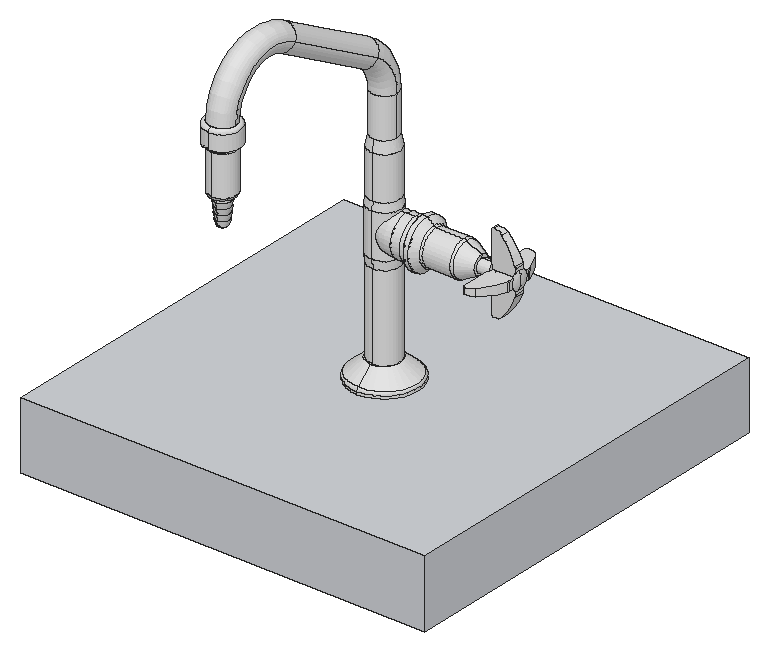
Revit family
Parameters (values of type "TL16USJ16C")
  WELSRating_ANZRS = "5 star"
  URL = "www.galvinengineering.com.au"
  Type Comments = "TL16"
  TubeNozzleVisibility = yes
  StyleOrType_ANZRS = "Plumbing Fixture"
  Seating = "Jumper Valve"
  PlumbingMaterial_ANZRS = Metal_Taps_DR-Brass-with-Chrome-Finish_10800
  Outlet = "#16 XT Tube Nozzle with Integral Mini Dual Check Valve"
  ModifiedIssue_ANZRS = 20120305.01  # constant formula
  Model = "TL16USJ16C"
  Manufacturer = "Galvin Engineering"
  Keynote = "15400"
  Instructions = "http://www.galvinengineering.com.au/Installation_Guides_1.aspx"
  Inlet = "15mm Male"
  FlowRate = 0.10 L/s
  FilterObject_ANZRS = "TL16"
  Description = "Lab Set 1-Way Type 16 Swivel, Jumper Valve"
  Default Elevation = 900 mm
  CreatedBy_ANZRS = "Galvin Engineering"
  CreatedByURL_ANZRS = "www.galvinengineering.com.au"
  CreatedByPhoneNo_ANZRS = "61-8-92495900"
  Circulation_ANZRS = yes
  Assembly Code = "D2010"
  AeratorVisibility = not(TubeNozzleVisibility)  # no
Types (3, lengths in mm): name | TubeNozzleVisibility | Outlet | Model | AeratorVisibility
  (no name) | yes | "#16 XT Tube Nozzle with Integral Mini Dual Check Valve" | "TL16USJ16C" | no
  TL16USJ1C | no | "#1 Aerator" | "TL16USJ1C" | yes
  TL16USJ16C | yes | "#16 XT Tube Nozzle with Integral Mini Dual Check Valve" | "TL16USJ16C" | no
Reference planes
  plane 1 "Center (Front/Back)": y = 0
  plane 2 "Face": z = 0
  plane 3 "Center (Left/Right)": x = 0
  plane 4 "ConnectorHost": z = 0
Forms (mm)
  Extrusion 1, solid
    sketch origin (0, -719.2, 0) x (1, 0, 0) y (0, 1, 0)
      loop
        line (-150, 869.2) -> (-150, 569.2) -> (150, 569.2) -> (150, 869.2) -> (-150, 869.2)
    from 0 to -50
  Revolve 2, solid, material "Metal_Taps_DR-Brass-with-Chrome-Finish_10800" <- "PlumbingMaterial_ANZRS"
    sketch origin (0, 0, 0) x (0, 1, 0) y (0, 0, 1)
      loop
        line (24.087, 4.295) -> (12.205, 14.3) -> (11.118, 14.3) -> (11.118, 77.513) -> (11.804, 84) -> (11.804, 116) -> (11.106, 122.593) -> (11.106, 154.424) -> (9.544, 163) -> (0, 163) -> (0, 0) -> (25.155, 0) -> (25.155, 2)
        arc (25.155, 2) -> (24.875, 3.266) -> (24.087, 4.295) r 3
      axis (0, 0) -> (0, 163)
    angle from 0 to 360
  Sweep 3, solid, material "Metal_Taps_DR-Brass-with-Chrome-Finish_10800" <- "PlumbingMaterial_ANZRS"
    path origin (0, 0, 0) x (0, 1, 0) y (0, 0, 1)
      loop
        arc (-149.996, 237) -> (-131.56, 268.534) -> (-95.032, 268.467) r 36.643
        line (-95.032, 268.467) -> (-18.281, 224.155)
        arc (-18.281, 224.155) -> (-4.899, 210.778) -> (0, 192.502) r 36.544
        line (0, 192.502) -> (0, 163)
    profile origin (0, 0, 177.751) x (1, 0, 0) y (0, 1, 0)
      loop
        circle (0, 0) r 9.55
  Revolve 4, solid, material "Metal_Taps_DR-Brass-with-Chrome-Finish_10800" <- "PlumbingMaterial_ANZRS", visible <- "AeratorVisibility"
    sketch origin (0, 0, 0) x (0, 1, 0) y (0, 0, 1)
      loop
        arc (-138.936, 236.442) -> (-139.147, 236.84) -> (-139.569, 237) r 0.638
        line (-139.569, 237) -> (-150.006, 237) -> (-150.006, 233) -> (-141.447, 233) -> (-141.447, 215) -> (-140.506, 215)
        arc (-140.506, 215) -> (-139.092, 215.586) -> (-138.506, 217) r 2
        line (-138.506, 217) -> (-138.506, 233) -> (-138.936, 236.442)
      axis (-150.006, 237) -> (-150.006, 215)
    angle from 0 to 360
  Revolve 5, solid, material "Metal_Taps_DR-Brass-with-Chrome-Finish_10800" <- "PlumbingMaterial_ANZRS"
    sketch origin (0, 0, 0) x (1, 0, 0) y (0, 0, 1)
      loop
        arc (83.27, 70.361) -> (86.828, 71.003) -> (89.85, 72.987) r 9.043
        arc (89.85, 72.987) -> (95.929, 80.725) -> (99.945, 89.708) r 40.19
        arc (99.945, 89.708) -> (100.11, 90.437) -> (100.166, 91.182) r 5.024
        line (100.166, 91.182) -> (100.166, 108.681)
        arc (100.166, 108.681) -> (100.11, 109.427) -> (99.944, 110.157) r 5.024
        arc (99.944, 110.157) -> (95.854, 119.25) -> (89.651, 127.057) r 40.19
        arc (89.651, 127.057) -> (86.696, 128.987) -> (83.226, 129.639) r 9.043
        arc (83.226, 129.639) -> (82.134, 129.212) -> (81.679, 128.132) r 1.507
        line (81.679, 128.132) -> (81.679, 71.866)
        arc (81.679, 71.866) -> (82.15, 70.771) -> (83.27, 70.361) r 1.507
      axis (57.916, 129.639) -> (57.916, 70.361)
    angle from -4.66 to 4.66
  Revolve 6, solid, material "Metal_Taps_DR-Brass-with-Chrome-Finish_10800" <- "PlumbingMaterial_ANZRS"
    sketch origin (-248.665, -110.242, 100) x (0, -1, 0) y (1, 0, 0)
      loop
        arc (-139.881, 331.934) -> (-139.471, 330.815) -> (-138.376, 330.343) r 1.507
        line (-138.376, 330.343) -> (-82.11, 330.343)
        arc (-82.11, 330.343) -> (-81.03, 330.799) -> (-80.603, 331.89) r 1.507
        arc (-80.603, 331.89) -> (-81.255, 335.36) -> (-83.186, 338.316) r 9.043
        arc (-83.186, 338.316) -> (-90.992, 344.519) -> (-100.085, 348.609) r 40.19
        arc (-100.085, 348.609) -> (-100.815, 348.775) -> (-101.562, 348.831) r 5.024
        line (-101.562, 348.831) -> (-119.061, 348.831)
        arc (-119.061, 348.831) -> (-119.806, 348.775) -> (-120.534, 348.61) r 5.024
        arc (-120.534, 348.61) -> (-129.517, 344.593) -> (-137.255, 338.514) r 40.19
        arc (-137.255, 338.514) -> (-139.239, 335.492) -> (-139.881, 331.934) r 9.043
      axis (-80.603, 306.581) -> (-139.881, 306.581)
    angle from -4.66 to 4.66
  Revolve 7, solid, material "Metal_Taps_DR-Brass-with-Chrome-Finish_10800" <- "PlumbingMaterial_ANZRS"
    sketch origin (0, 0, 0) x (1, 0, 0) y (0, 0, 1)
      loop
        line (101.162, 100.294) -> (-8.743, 100.294)
        arc (-8.743, 100.294) -> (-8.455, 98.063) -> (-7.423, 96.064) r 6.5
        arc (-7.423, 96.064) -> (3.289, 88.261) -> (16.25, 85.5) r 31.806
        line (16.25, 85.5) -> (23.9, 85.5) -> (23.9, 84.5) -> (27.393, 84.5)
        arc (27.393, 84.5) -> (27.775, 83.189) -> (28.65, 82.141) r 3.334
        line (28.65, 82.141) -> (32.15, 82.141) -> (36.686, 86.586)
        arc (36.686, 86.586) -> (37.491, 87.115) -> (38.436, 87.3) r 2.5
        line (38.436, 87.3) -> (58.943, 87.3)
        arc (58.943, 87.3) -> (60.129, 87.442) -> (61.249, 87.861) r 5.024
        line (61.249, 87.861) -> (72.164, 93.5) -> (72.164, 95.27) -> (81.6, 95.27) -> (81.6, 99.409) -> (100, 99.409) -> (100, 93.4)
        arc (100, 93.4) -> (100.896, 96.794) -> (101.162, 100.294) r 19.294
      axis (-8.743, 100.294) -> (101.162, 100.294)
    angle from 0 to 360
  Revolve 8, solid, material "Metal_Taps_DR-Brass-with-Chrome-Finish_10800" <- "PlumbingMaterial_ANZRS", visible <- "TubeNozzleVisibility"
    sketch origin (0, -0.019, -274.502) x (0, 1, 0) y (0, 0, 1)
      loop
        line (-162.747, 497.458) -> (-161.922, 497.458) -> (-160.256, 495.732)
        arc (-160.256, 495.732) -> (-159.944, 495.252) -> (-159.835, 494.69) r 1.5
        line (-159.835, 494.69) -> (-159.835, 464.902)
        arc (-159.835, 464.902) -> (-159.249, 463.488) -> (-157.835, 462.902) r 2
        line (-157.835, 462.902) -> (-155.537, 462.902) -> (-155.537, 459.402) -> (-156.337, 459.402) -> (-155.04, 455.102) -> (-155.837, 455.102) -> (-154.587, 450.802) -> (-155.387, 450.802) -> (-154.056, 446.502) -> (-154.837, 446.502) -> (-153.716, 442.647)
        arc (-153.716, 442.647) -> (-153.494, 442.326) -> (-153.123, 442.202) r 0.618
        line (-153.123, 442.202) -> (-149.987, 442.202) -> (-149.987, 511.502) -> (-160.235, 511.502)
        arc (-160.235, 511.502) -> (-162.011, 510.766) -> (-162.747, 508.99) r 2.512
        line (-162.747, 508.99) -> (-162.747, 497.458)
      axis (-149.987, 442.202) -> (-149.987, 511.502)
    angle from 0 to 360
Cuts and joins
  joined: Revolve 2, Revolve 7
Lines and regions (mm)
  symbolic lines, style "Taps/Mixers"
    curve 1: line (-9.5, 1.6, 0) -> (-9.5, -149.852, 0)
    curve 2: line (9.5, -149.852, 0) -> (9.5, 1.6, 0)
    curve 3: arc (-9.5, -149.852, 0) -> (0, -159.352, 0) -> (9.5, -149.852, 0) r 9.5
    curve 4: arc (-9.5, 1.6, 0) -> (0, 11.1, 0) -> (9.5, 1.6, 0) r 9.5
    curve 5: arc (20.601, 14.639, 0) -> (-19.822, 15.678, 0) -> (-9.5, -23.419, 0) r 25.272
    curve 6: arc (-9.5, -6.915, 0) -> (0, 11.75, 0) -> (9.5, -6.915, 0) r 11.75
    curve 7: arc (32.166, 0.223, 0) -> (33.452, 6.508, 0) -> (32.212, 12.802, 0) r 16.296
    curve 8: arc (28.588, 12.765, 0) -> (27.364, 6.488, 0) -> (28.649, 0.223, 0) r 16.296
    curve 9: arc (36.705, 13.573, 0) -> (37.52, 13.028, 0) -> (38.482, 12.837, 0) r 2.512
    curve 10: arc (28.649, 18.021, 0) -> (27.377, 15.423, 0) -> (28.604, 12.802, 0) r 3.35
    curve 11: arc (32.166, 12.765, 0) -> (33.439, 15.393, 0) -> (32.166, 18.021, 0) r 3.35
    curve 12: arc (61.287, 12.277, 0) -> (60.168, 12.695, 0) -> (58.981, 12.837, 0) r 5.024
    curve 13: arc (38.482, -12.537, 0) -> (37.52, -12.728, 0) -> (36.705, -13.273, 0) r 2.512
    curve 14: arc (28.649, 0.223, 0) -> (27.364, -6.121, 0) -> (28.649, -12.465, 0) r 16.296
    curve 15: arc (32.166, -12.465, 0) -> (33.452, -6.121, 0) -> (32.166, 0.223, 0) r 16.296
    curve 16: arc (32.166, -17.721, 0) -> (33.439, -15.093, 0) -> (32.166, -12.465, 0) r 3.35
    curve 17: arc (28.649, -12.465, 0) -> (27.377, -15.093, 0) -> (28.649, -17.721, 0) r 3.35
    curve 18: arc (58.981, -12.537, 0) -> (60.168, -12.395, 0) -> (61.287, -11.977, 0) r 5.024
    curve 19: arc (100, -6.576, 0) -> (101.164, 0.024, 0) -> (100, 6.624, 0) r 19.294
    curve 20: arc (99.779, 10.334, 0) -> (95.782, 19.275, 0) -> (89.732, 26.976, 0) r 40
    curve 21: arc (89.732, 26.976, 0) -> (86.724, 28.951, 0) -> (83.183, 29.59, 0) r 9
    curve 22: arc (83.183, 29.59, 0) -> (82.069, 29.182, 0) -> (81.6, 28.092, 0) r 1.5
    curve 23: arc (100, 8.861, 0) -> (99.944, 9.606, 0) -> (99.779, 10.334, 0) r 5.024
    curve 24: arc (97.795, 3.439, 0) -> (98.932, 3.959, 0) -> (99.678, 4.962, 0) r 2.512
    curve 25: arc (99.678, 4.962, 0) -> (99.868, 5.506, 0) -> (100, 6.067, 0) r 5.554
    curve 26: arc (89.485, -27.016, 0) -> (95.688, -19.21, 0) -> (99.778, -10.117, 0) r 40.19
    curve 27: arc (83.122, -29.599, 0) -> (86.558, -28.935, 0) -> (89.485, -27.016, 0) r 9.043
    curve 28: arc (81.6, -28.092, 0) -> (82.047, -29.163, 0) -> (83.122, -29.599, 0) r 1.507
    curve 29: arc (99.778, -10.117, 0) -> (99.944, -9.387, 0) -> (100, -8.64, 0) r 5.024
    curve 30: arc (99.747, -4.922, 0) -> (99.012, -3.873, 0) -> (97.856, -3.322, 0) r 2.512
    curve 31: arc (100, -7.836, 0) -> (100.069, -6.362, 0) -> (99.747, -4.922, 0) r 5.554
    curve 32: line (61.287, -11.977, 0) -> (72.164, -6.357, 0)
    curve 33: line (72.164, -6.357, 0) -> (72.164, 6.657, 0)
    curve 34: line (72.164, 6.657, 0) -> (61.287, 12.277, 0)
    curve 35: line (38.482, 12.837, 0) -> (58.949, 12.837, 0)
    curve 36: line (58.949, 12.837, 0) -> (58.949, -12.537, 0)
    curve 37: line (58.949, -12.537, 0) -> (38.482, -12.537, 0)
    curve 38: line (33.422, 15.06, 0) -> (33.422, -15.426, 0)
    curve 39: line (28.588, 12.765, 0) -> (32.166, 12.765, 0)
    curve 40: line (28.649, 18.021, 0) -> (32.166, 18.021, 0)
    curve 41: line (32.166, 18.021, 0) -> (36.705, 13.573, 0)
    curve 42: line (27.394, 15.369, 0) -> (27.394, -15.426, 0)
    curve 43: line (28.649, 0.223, 0) -> (32.166, 0.223, 0)
    curve 44: line (28.649, -17.721, 0) -> (32.166, -17.721, 0)
    curve 45: line (32.166, -17.721, 0) -> (36.705, -13.273, 0)
    curve 46: line (28.649, -12.465, 0) -> (32.166, -12.465, 0)
    curve 47: line (100, 8.861, 0) -> (100, -8.64, 0)
    curve 48: line (81.6, 28.092, 0) -> (81.6, -28.092, 0)
    curve 49: line (81.6, 2.119, 0) -> (97.795, 3.439, 0)
    curve 50: line (72.164, 4.868, 0) -> (81.6, 4.868, 0)
    curve 51: line (81.6, -1.9, 0) -> (97.856, -3.322, 0)
    curve 52: line (72.164, -4.592, 0) -> (81.6, -4.592, 0)
    curve 53: arc (9.5, -23.419, 0) -> (15.678, -19.822, 0) -> (20.601, -14.639, 0) r 25.272
    curve 54: line (23.891, -15.644, 0) -> (23.891, 15.944, 0)
    curve 55: line (23.891, 15.944, 0) -> (27.423, 15.944, 0)
    curve 56: line (23.891, -15.644, 0) -> (27.423, -15.644, 0)
    curve 57: line (23.891, -14.639, 0) -> (17.014, -14.639, 0)
    curve 58: arc (15.529, -14.552, 0) -> (16.27, -14.617, 0) -> (17.014, -14.639, 0) r 12.711
    curve 59: line (23.891, 14.639, 0) -> (17.014, 14.639, 0)
    curve 60: arc (15.529, 14.552, 0) -> (16.27, 14.617, 0) -> (17.014, 14.639, 0) r 12.711
    curve 61: arc (17.014, 14.639, 0) -> (9.42, 13.859, 0) -> (2.143, 11.553, 0) r 37.375
    curve 62: arc (17.014, -14.639, 0) -> (13.237, -14.447, 0) -> (9.5, -13.876, 0) r 37.375
    curve 63: arc (0, -24.082, 4.295) -> (0, -24.87, 3.266) -> (0, -25.15, 2) r 3
    curve 64: arc (0, 25.15, 2) -> (0, 24.87, 3.266) -> (0, 24.082, 4.295) r 3
    curve 65: line (0, 11.112, 14.3) -> (0, 11.112, 77.5)
    curve 66: line (0, 12.2, 14.3) -> (0, -12.2, 14.3)
    curve 67: line (0, 25.15, 2) -> (0, -25.15, 2)
    curve 68: line (0, -25.15, 0) -> (0, -25.15, 2)
    curve 69: line (0, -12.2, 14.3) -> (0, -24.082, 4.295)
    curve 70: line (0, 12.2, 14.3) -> (0, 24.082, 4.295)
    curve 71: line (0, 25.15, 2) -> (0, 25.15, 0)
    curve 72: line (0, 25.15, 0) -> (0, -25.15, 0)
    curve 73: line (0, -11.113, 77.548) -> (0, -11.113, 14.3)
    curve 74: arc (0, -14.636, 103.934) -> (0, -7.383, 107.385) -> (0, -3.932, 114.639) r 12
    curve 75: line (0, -3.932, 114.639) -> (0, -2.537, 128.154)
    curve 76: arc (0, -2.537, 128.154) -> (0, -2.049, 129.114) -> (0, -1.045, 129.5) r 1.5
    curve 77: line (0, -1.045, 129.5) -> (0, 1.045, 129.5)
    curve 78: arc (0, 1.045, 129.5) -> (0, 2.051, 129.112) -> (0, 2.537, 128.149) r 1.5
    curve 79: line (0, 2.537, 128.149) -> (0, 3.884, 114.682)
    curve 80: arc (0, 3.884, 114.682) -> (0, 7.326, 107.404) -> (0, 14.592, 103.939) r 12
    curve 81: line (0, 14.592, 103.939) -> (0, 28.156, 102.539)
    curve 82: arc (0, 28.156, 102.539) -> (0, 29.116, 102.052) -> (0, 29.502, 101.047) r 1.5
    curve 83: line (0, 29.502, 101.047) -> (0, 29.502, 98.953)
    curve 84: arc (0, 29.502, 98.953) -> (0, 29.116, 97.948) -> (0, 28.156, 97.461) r 1.5
    curve 85: line (0, 28.156, 97.461) -> (0, 14.592, 96.061)
    curve 86: arc (0, 14.592, 96.061) -> (0, 7.326, 92.596) -> (0, 3.884, 85.318) r 12
    curve 87: line (0, 3.884, 85.318) -> (0, 2.537, 71.851)
    curve 88: arc (0, 2.537, 71.851) -> (0, 2.051, 70.888) -> (0, 1.045, 70.5) r 1.5
    curve 89: line (0, 1.045, 70.5) -> (0, -1.045, 70.5)
    curve 90: arc (0, -1.045, 70.5) -> (0, -2.049, 70.886) -> (0, -2.537, 71.846) r 1.5
    curve 91: line (0, -2.537, 71.846) -> (0, -3.932, 85.361)
    curve 92: arc (0, -3.932, 85.361) -> (0, -7.383, 92.615) -> (0, -14.636, 96.066) r 12
    curve 93: line (0, -14.636, 96.066) -> (0, -28.152, 97.461)
    curve 94: arc (0, -28.152, 97.461) -> (0, -29.112, 97.948) -> (0, -29.498, 98.953) r 1.5
    curve 95: line (0, -29.498, 98.953) -> (0, -29.498, 101.047)
    curve 96: arc (0, -29.498, 101.047) -> (0, -29.112, 102.052) -> (0, -28.152, 102.539) r 1.5
    curve 97: line (0, -28.152, 102.539) -> (0, -14.636, 103.934)
    curve 98: circle (0, 0, 100) r 6.5 normal (1, 0, 0)
    curve 119: line (0, -11.113, 77.548) -> (0, -11.796, 84)
    curve 120: line (0, -11.113, 77.5) -> (0, -3.12, 77.5)
    curve 121: line (0, 11.112, 77.5) -> (0, 3.102, 77.5)
    curve 122: line (0, 11.116, 77.5) -> (0, 11.804, 84)
    curve 123: line (0, 11.804, 88.471) -> (0, 11.804, 84)
    curve 124: line (0, -11.796, 84) -> (0, -11.796, 88.46)
    curve 125: line (0, -7.337, 84) -> (0, -11.796, 84)
    curve 126: line (0, 11.804, 84) -> (0, 7.332, 84)
    curve 127: line (0, -11.796, 116) -> (0, -11.796, 111.54)
    curve 128: line (0, -7.337, 116) -> (0, -11.796, 116)
    curve 129: line (0, 11.804, 116) -> (0, 7.332, 116)
    curve 130: line (0, 11.804, 116) -> (0, 11.804, 111.529)
    curve 131: line (0, 11.116, 122.5) -> (0, 11.804, 116)
    curve 132: line (0, 11.116, 122.5) -> (0, 3.102, 122.5)
    curve 133: line (0, -3.12, 122.5) -> (0, -11.119, 122.5)
    curve 134: line (0, -11.119, 122.5) -> (0, -11.796, 116)
    curve 135: line (0, -11.119, 154.373) -> (0, -11.119, 122.5)
    curve 136: line (0, 11.106, 154.424) -> (0, 11.106, 122.5)
    curve 137: line (0, -10.303, 161) -> (0, -11.119, 154.373)
    curve 138: line (0, 11.097, 154.5) -> (0, 10.297, 161)
    curve 140: line (0, -11.103, 154.5) -> (0, 11.097, 154.5)
    curve 141: line (0, -10.303, 161) -> (0, 10.297, 161)
    curve 142: line (0, -9.856, 161) -> (0, -9.556, 163)
    curve 143: line (0, -9.556, 163) -> (0, 9.544, 163)
    curve 144: line (0, 9.544, 163) -> (0, 9.844, 161)
    curve 145: line (0, -9.556, 163) -> (0, -9.556, 192.502)
    curve 146: line (0, 9.544, 163) -> (0, 9.544, 192.502)
    curve 147: arc (0, 9.544, 192.502) -> (0, 3.368, 215.552) -> (0, -13.506, 232.426) r 46.1
    curve 148: arc (0, -9.556, 192.502) -> (0, -13.174, 206.002) -> (0, -23.056, 215.884) r 27
    curve 149: line (0, -99.956, 260.283) -> (0, -23.056, 215.884)
    curve 150: line (0, -90.406, 276.824) -> (0, -13.506, 232.426)
    curve 151: arc (0, -99.956, 260.283) -> (0, -127.213, 260.838) -> (0, -140.442, 237) r 26.414
    curve 152: arc (0, -90.406, 276.824) -> (0, -136.764, 277.376) -> (0, -159.548, 237) r 45.506
    curve 164: arc (-24.082, 0, 4.295) -> (-24.868, 0, 3.27) -> (-25.15, 0, 2.01) r 3
    curve 165: arc (25.15, 0, 2) -> (24.87, 0, 3.266) -> (24.082, 0, 4.295) r 3
    curve 166: line (12.2, 0, 14.3) -> (24.082, 0, 4.295)
    curve 167: line (25.15, 0, 2.01) -> (-25.15, 0, 2.01)
    curve 168: line (-25.15, 0, 0) -> (-25.15, 0, 2)
    curve 169: line (-12.2, 0, 14.3) -> (12.2, 0, 14.3)
    curve 170: line (-12.2, 0, 14.3) -> (-24.082, 0, 4.295)
    curve 171: line (25.15, 0, 2.01) -> (25.15, 0, 0)
    curve 172: line (25.15, 0, 0) -> (-25.15, 0, 0)
    curve 173: arc (32.173, 0, 100.054) -> (33.458, 0, 106.339) -> (32.218, 0, 112.633) r 16.296
    curve 174: arc (28.61, 0, 112.633) -> (27.37, 0, 106.339) -> (28.656, 0, 100.054) r 16.296
    curve 175: arc (36.712, 0, 113.404) -> (37.527, 0, 112.86) -> (38.488, 0, 112.668) r 2.512
    curve 176: arc (28.656, 0, 117.852) -> (27.384, 0, 115.254) -> (28.61, 0, 112.633) r 3.35
    curve 177: arc (32.173, 0, 112.597) -> (33.445, 0, 115.224) -> (32.173, 0, 117.852) r 3.35
    curve 178: arc (61.287, 0, 112.108) -> (60.168, 0, 112.526) -> (58.981, 0, 112.668) r 5.024
    curve 179: arc (38.488, 0, 87.294) -> (37.527, 0, 87.103) -> (36.712, 0, 86.558) r 2.512
    curve 180: arc (28.656, 0, 100.054) -> (27.37, 0, 93.71) -> (28.656, 0, 87.366) r 16.296
    curve 181: arc (32.173, 0, 87.366) -> (33.458, 0, 93.71) -> (32.173, 0, 100.054) r 16.296
    curve 182: arc (32.173, 0, 82.11) -> (33.445, 0, 84.738) -> (32.173, 0, 87.366) r 3.35
    curve 183: arc (28.656, 0, 87.366) -> (27.383, 0, 84.738) -> (28.656, 0, 82.11) r 3.35
    curve 184: arc (58.981, 0, 87.294) -> (60.168, 0, 87.436) -> (61.287, 0, 87.855) r 5.024
    curve 185: arc (100, 0, 93.409) -> (101.164, 0, 100.009) -> (100, 0, 106.609) r 19.294
    curve 186: arc (99.779, 0, 110.319) -> (95.782, 0, 119.259) -> (89.732, 0, 126.961) r 40
    curve 187: arc (89.732, 0, 126.961) -> (86.724, 0, 128.935) -> (83.183, 0, 129.574) r 9
    curve 188: arc (83.183, 0, 129.574) -> (82.069, 0, 129.166) -> (81.6, 0, 128.076) r 1.5
    curve 189: arc (100, 0, 108.845) -> (99.944, 0, 109.59) -> (99.779, 0, 110.319) r 5.024
    curve 190: arc (97.795, 0, 103.423) -> (98.932, 0, 103.943) -> (99.678, 0, 104.946) r 2.512
    curve 191: arc (99.678, 0, 104.946) -> (99.868, 0, 105.491) -> (100, 0, 106.052) r 5.554
    curve 192: arc (89.485, 0, 72.968) -> (95.688, 0, 80.774) -> (99.778, 0, 89.867) r 40.19
    curve 193: arc (83.122, 0, 70.385) -> (86.558, 0, 71.049) -> (89.485, 0, 72.968) r 9.043
    curve 194: arc (81.6, 0, 71.893) -> (82.047, 0, 70.822) -> (83.122, 0, 70.385) r 1.507
    curve 195: arc (99.778, 0, 89.867) -> (99.944, 0, 90.597) -> (100, 0, 91.344) r 5.024
    curve 196: arc (99.747, 0, 95.062) -> (99.012, 0, 96.111) -> (97.856, 0, 96.662) r 2.512
    curve 197: arc (100, 0, 92.148) -> (100.069, 0, 93.622) -> (99.747, 0, 95.062) r 5.554
    curve 198: line (61.287, 0, 87.855) -> (72.164, 0, 93.474)
    curve 199: line (72.164, 0, 93.474) -> (72.164, 0, 106.488)
    curve 200: line (72.164, 0, 106.488) -> (61.287, 0, 112.108)
    curve 201: line (38.488, 0, 112.668) -> (58.949, 0, 112.668)
    curve 202: line (58.949, 0, 112.668) -> (58.949, 0, 87.294)
    curve 203: line (58.949, 0, 87.294) -> (38.488, 0, 87.294)
    curve 204: line (33.429, 0, 114.891) -> (33.429, 0, 84.405)
    curve 205: line (28.656, 0, 112.597) -> (32.173, 0, 112.597)
    curve 206: line (28.656, 0, 117.852) -> (32.173, 0, 117.852)
    curve 207: line (32.173, 0, 117.852) -> (36.712, 0, 113.404)
    curve 208: line (27.4, 0, 115.5) -> (27.4, 0, 84.405)
    curve 209: line (28.656, 0, 100.054) -> (32.173, 0, 100.054)
    curve 210: line (28.656, 0, 82.11) -> (32.173, 0, 82.11)
    curve 211: line (32.173, 0, 82.11) -> (36.712, 0, 86.558)
    curve 212: line (28.656, 0, 87.366) -> (32.173, 0, 87.366)
    curve 213: line (100, 0, 108.845) -> (100, 0, 91.344)
    curve 214: line (81.6, 0, 128.076) -> (81.6, 0, 71.893)
    curve 215: line (81.6, 0, 102.103) -> (97.795, 0, 103.423)
    curve 216: line (72.164, 0, 104.7) -> (81.6, 0, 104.7)
    curve 217: line (81.6, 0, 98.084) -> (97.856, 0, 96.662)
    curve 218: line (72.164, 0, 95.24) -> (81.6, 0, 95.24)
    curve 219: line (11.113, 0, 14.3) -> (11.112, 0, 77.193)
    curve 220: line (-11.112, 0, 14.3) -> (-11.112, 0, 77.193)
    curve 221: line (9.515, 0, 235.37) -> (9.515, 0, 272.313)
    curve 222: arc (9.515, 0, 272.313) -> (-0.01, 0, 281.838) -> (-9.535, 0, 272.313) r 9.525
    curve 223: line (-9.535, 0, 272.313) -> (-9.535, 0, 235.37)
    curve 224: line (23.9, 0, 84.5) -> (23.9, 0, 115.5)
    curve 225: line (23.9, 0, 115.5) -> (27.4, 0, 115.5)
    curve 226: line (27.392, 0, 84.5) -> (23.9, 0, 84.5)
    curve 228: line (9.515, 0, 161) -> (9.515, 0, 189.27)
    curve 229: line (-10.311, 0, 161) -> (10.289, 0, 161)
    curve 230: line (-10.311, 0, 161) -> (-11.124, 0, 154.398)
    curve 231: line (11.101, 0, 154.398) -> (10.289, 0, 161)
    curve 232: line (11.101, 0, 154.398) -> (11.101, 0, 122.5)
    curve 233: line (-11.124, 0, 154.398) -> (-11.124, 0, 122.5)
    curve 234: line (11.089, 0, 154.5) -> (-11.111, 0, 154.5)
    curve 236: line (11.101, 0, 122.5) -> (-11.124, 0, 122.5)
    curve 237: line (-11.124, 0, 122.5) -> (-11.8, 0, 116)
    curve 238: line (11.101, 0, 122.5) -> (11.8, 0, 116)
    curve 239: line (-11.8, 0, 116) -> (14.839, 0, 116)
    curve 240: line (-11.8, 0, 84) -> (-11.8, 0, 116)
    curve 241: line (14.839, 0, 84) -> (-11.8, 0, 84)
    curve 242: line (-11.113, 0, 77.5) -> (-11.8, 0, 84)
    curve 243: line (11.113, 0, 77.5) -> (11.8, 0, 84)
    curve 244: line (-11.113, 0, 77.5) -> (11.113, 0, 77.5)
    curve 245: arc (14.839, 0, 116) -> (16.268, 0, 114.75) -> (18.112, 0, 114.3) r 4
    curve 246: line (23.9, 0, 114.3) -> (18.112, 0, 114.3)
    curve 247: arc (18.112, 0, 85.7) -> (16.268, 0, 85.25) -> (14.839, 0, 84) r 4
    curve 248: line (23.9, 0, 85.7) -> (18.112, 0, 85.7)
    curve 249: arc (10.221, 0, 87.245) -> (12.358, 0, 85.363) -> (14.908, 0, 84.095) r 10.958
    curve 250: arc (10.221, 0, 87.245) -> (7.654, 0, 89.7) -> (4.693, 0, 91.663) r 20
    curve 251: arc (4.693, 0, 91.663) -> (-1.42, 0, 94.479) -> (-7.845, 0, 96.48) r 51.908
    curve 252: arc (-7.845, 0, 103.639) -> (-1.42, 0, 105.641) -> (4.693, 0, 108.456) r 51.908
    curve 253: arc (4.693, 0, 108.456) -> (7.654, 0, 110.419) -> (10.221, 0, 112.875) r 20
    curve 254: arc (14.839, 0, 116) -> (12.328, 0, 114.736) -> (10.221, 0, 112.875) r 10.958
    curve 255: arc (-7.845, 0, 103.639) -> (-10.663, 0, 100.06) -> (-7.845, 0, 96.48) r 3.683
    curve 256: arc (9.5, -144.307, 0) -> (0, -160.852, 0) -> (-9.5, -144.307, 0) r 11
    curve 336: line (-9.535, 0, 189.241) -> (-9.535, 0, 161)
  symbolic lines, style "Taps/Mixers", detail levels medium+fine
    curve 99: arc (0, -4.561, 111.854) -> (0, -8.981, 108.981) -> (0, -11.855, 104.562) r 12.7
    curve 100: arc (0, 11.854, 104.551) -> (0, 8.964, 108.994) -> (0, 4.513, 111.87) r 12.7
    curve 101: arc (0, 4.513, 88.13) -> (0, 8.964, 91.006) -> (0, 11.854, 95.449) r 12.7
    curve 102: arc (0, -11.855, 95.438) -> (0, -8.981, 91.019) -> (0, -4.561, 88.146) r 12.7
    curve 103: arc (0, -3.785, 116.06) -> (0, -11.668, 111.669) -> (0, -16.062, 103.787) r 16.5
    curve 104: arc (0, 16.057, 103.788) -> (0, 11.65, 111.682) -> (0, 3.745, 116.069) r 16.5
    curve 105: arc (0, 3.745, 83.931) -> (0, 11.65, 88.318) -> (0, 16.057, 96.212) r 16.5
    curve 106: arc (0, -16.062, 96.213) -> (0, -11.668, 88.331) -> (0, -3.785, 83.94) r 16.5
    curve 107: line (0, -16.502, 96.259) -> (0, -16.502, 93.165)
    curve 108: line (0, -16.502, 93.165) -> (0, -6.837, 83.5)
    curve 109: line (0, -6.837, 83.5) -> (0, -3.74, 83.5)
    curve 110: line (0, 3.702, 83.5) -> (0, 6.832, 83.5)
    curve 111: line (0, 6.832, 83.5) -> (0, 16.498, 93.165)
    curve 112: line (0, 16.498, 93.165) -> (0, 16.498, 96.258)
    curve 113: line (0, 16.498, 103.742) -> (0, 16.498, 106.835)
    curve 114: line (0, 16.498, 106.835) -> (0, 6.832, 116.5)
    curve 115: line (0, 6.832, 116.5) -> (0, 3.702, 116.5)
    curve 116: line (0, -3.74, 116.5) -> (0, -6.837, 116.5)
    curve 117: line (0, -6.837, 116.5) -> (0, -16.502, 106.835)
    curve 118: line (0, -16.502, 106.835) -> (0, -16.502, 103.741)
    curve 139: line (0, -11.119, 154) -> (0, 11.106, 154)
    curve 235: line (11.101, 0, 154) -> (-11.124, 0, 154)
  symbolic lines, style "Taps/Mixers", visible <- "AeratorVisibility"
    curve 153: line (0, -160.565, 237) -> (0, -139.448, 237)
    curve 154: line (0, -161.506, 233) -> (0, -138.506, 233)
    curve 155: line (0, -161.506, 217) -> (0, -161.506, 233)
    curve 156: line (0, -161.061, 236.562) -> (0, -161.506, 233)
    curve 157: line (0, -138.951, 236.562) -> (0, -138.506, 233)
    curve 158: line (0, -138.506, 233) -> (0, -138.506, 217)
    curve 159: line (0, -159.506, 215) -> (0, -140.506, 215)
    curve 160: arc (0, -161.506, 217) -> (0, -160.92, 215.586) -> (0, -159.506, 215) r 2
    curve 161: arc (0, -140.506, 215) -> (0, -139.092, 215.586) -> (0, -138.506, 217) r 2
    curve 162: arc (0, -160.565, 237) -> (0, -160.896, 236.875) -> (0, -161.061, 236.562) r 0.5
    curve 163: arc (0, -139.448, 237) -> (0, -139.117, 236.875) -> (0, -138.951, 236.562) r 0.5
    curve 227: line (-9.535, 0, 215) -> (-9.535, 0, 189.241)
    curve 325: line (-10.569, 0, 237) -> (10.549, 0, 237)
    curve 326: line (-11.51, 0, 233) -> (11.49, 0, 233)
    curve 327: line (-11.51, 0, 217) -> (-11.51, 0, 233)
    curve 328: line (-11.065, 0, 236.562) -> (-11.51, 0, 233)
    curve 329: line (11.045, 0, 236.562) -> (11.49, 0, 233)
    curve 330: line (11.49, 0, 233) -> (11.49, 0, 217)
    curve 331: arc (9.49, 0, 215) -> (10.904, 0, 215.586) -> (11.49, 0, 217) r 2
    curve 332: line (9.49, 0, 215) -> (-9.535, 0, 215)
    curve 333: arc (-11.51, 0, 217) -> (-10.933, 0, 215.595) -> (-9.535, 0, 215) r 2
    curve 334: arc (-10.569, 0, 237) -> (-10.9, 0, 236.875) -> (-11.065, 0, 236.562) r 0.5
    curve 335: arc (10.549, 0, 237) -> (10.879, 0, 236.875) -> (11.045, 0, 236.562) r 0.5
    curve 337: line (9.515, 0, 189.27) -> (9.515, 0, 215)
  symbolic lines, style "Taps/Mixers", visible <- "TubeNozzleVisibility"
    curve 257: line (0, -139.806, 237) -> (0, -160.206, 237)
    curve 258: arc (0, -160.206, 237) -> (0, -161.974, 236.268) -> (0, -162.706, 234.5) r 2.5
    curve 259: line (0, -162.706, 234.5) -> (0, -162.706, 232.4)
    curve 260: line (0, -162.706, 232.4) -> (0, -137.306, 232.4)
    curve 261: line (0, -137.306, 232.4) -> (0, -137.306, 234.5)
    curve 262: arc (0, -137.306, 234.5) -> (0, -138.038, 236.268) -> (0, -139.806, 237) r 2.5
    curve 263: line (0, -162.706, 222.917) -> (0, -137.306, 222.917)
    curve 264: line (0, -162.706, 232.4) -> (0, -162.706, 222.917)
    curve 265: line (0, -159.978, 221.048) -> (0, -161.847, 222.917)
    curve 266: line (0, -159.978, 221.048) -> (0, -139.997, 221.047)
    curve 267: line (0, -159.986, 190.442) -> (0, -159.986, 221.056)
    curve 268: line (0, -139.988, 221.056) -> (0, -139.988, 190.442)
    curve 269: arc (0, -159.986, 190.442) -> (0, -159.4, 189.028) -> (0, -157.986, 188.442) r 2
    curve 270: line (0, -141.988, 188.442) -> (0, -157.986, 188.442)
    curve 271: arc (0, -141.988, 188.442) -> (0, -140.574, 189.028) -> (0, -139.988, 190.442) r 2
    curve 272: line (0, -155.786, 188.442) -> (0, -155.786, 184.942)
    curve 273: line (0, -143.486, 184.942) -> (0, -156.489, 184.942)
    curve 274: line (0, -156.489, 184.942) -> (0, -155.336, 180.642)
    curve 275: line (0, -143.986, 180.642) -> (0, -155.989, 180.642)
    curve 276: line (0, -155.989, 180.642) -> (0, -154.839, 176.342)
    curve 277: line (0, -144.436, 176.342) -> (0, -155.539, 176.342)
    curve 278: line (0, -155.539, 176.342) -> (0, -154.389, 172.042)
    curve 279: line (0, -144.986, 172.042) -> (0, -154.989, 172.042)
    curve 280: line (0, -154.989, 172.042) -> (0, -153.78, 167.886)
    curve 281: line (0, -146.426, 167.742) -> (0, -153.588, 167.742)
    curve 282: arc (0, -153.78, 167.886) -> (0, -153.708, 167.782) -> (0, -153.588, 167.742) r 0.2
    curve 283: line (0, -137.306, 232.4) -> (0, -137.306, 222.917)
    curve 284: line (0, -139.988, 221.056) -> (0, -138.128, 222.917)
    curve 285: line (0, -144.188, 188.442) -> (0, -144.188, 184.942)
    curve 286: line (0, -143.486, 184.942) -> (0, -144.638, 180.642)
    curve 287: line (0, -143.986, 180.642) -> (0, -145.136, 176.342)
    curve 288: line (0, -144.436, 176.342) -> (0, -145.586, 172.042)
    curve 289: line (0, -144.986, 172.042) -> (0, -146.194, 167.886)
    curve 290: arc (0, -146.194, 167.886) -> (0, -146.266, 167.782) -> (0, -146.386, 167.742) r 0.2
    curve 291: line (10.2, 0, 237) -> (-10.2, 0, 237)
    curve 292: arc (-10.2, 0, 237) -> (-11.968, 0, 236.268) -> (-12.7, 0, 234.5) r 2.5
    curve 293: line (-12.7, 0, 234.5) -> (-12.7, 0, 232.4)
    curve 294: line (-12.7, 0, 232.4) -> (12.7, 0, 232.4)
    curve 295: line (12.7, 0, 232.4) -> (12.7, 0, 234.5)
    curve 296: arc (12.7, 0, 234.5) -> (11.968, 0, 236.268) -> (10.2, 0, 237) r 2.5
    curve 297: line (-12.7, 0, 222.917) -> (12.7, 0, 222.917)
    curve 298: line (-12.7, 0, 232.4) -> (-12.7, 0, 222.917)
    curve 299: line (-9.972, 0, 221.048) -> (-11.841, 0, 222.917)
    curve 300: line (-9.972, 0, 221.048) -> (10.009, 0, 221.047)
    curve 301: line (-9.98, 0, 190.442) -> (-9.98, 0, 221.056)
    curve 302: line (10.018, 0, 221.056) -> (10.018, 0, 190.442)
    curve 303: arc (-9.98, 0, 190.442) -> (-9.394, 0, 189.028) -> (-7.98, 0, 188.442) r 2
    curve 304: line (8.018, 0, 188.442) -> (-7.98, 0, 188.442)
    curve 305: arc (8.018, 0, 188.442) -> (9.432, 0, 189.028) -> (10.018, 0, 190.442) r 2
    curve 306: line (-5.78, 0, 188.442) -> (-5.78, 0, 184.942)
    curve 307: line (6.52, 0, 184.942) -> (-6.482, 0, 184.942)
    curve 308: line (-6.482, 0, 184.942) -> (-5.33, 0, 180.642)
    curve 309: line (6.02, 0, 180.642) -> (-5.982, 0, 180.642)
    curve 310: line (-5.982, 0, 180.642) -> (-4.832, 0, 176.342)
    curve 311: line (5.57, 0, 176.342) -> (-5.532, 0, 176.342)
    curve 312: line (-5.532, 0, 176.342) -> (-4.382, 0, 172.042)
    curve 313: line (5.02, 0, 172.042) -> (-4.982, 0, 172.042)
    curve 314: line (-4.982, 0, 172.042) -> (-3.774, 0, 167.886)
    curve 315: line (3.58, 0, 167.742) -> (-3.582, 0, 167.742)
    curve 316: arc (-3.774, 0, 167.886) -> (-3.702, 0, 167.782) -> (-3.582, 0, 167.742) r 0.2
    curve 317: line (12.7, 0, 232.4) -> (12.7, 0, 222.917)
    curve 318: line (10.018, 0, 221.056) -> (11.878, 0, 222.917)
    curve 319: line (5.818, 0, 188.442) -> (5.818, 0, 184.942)
    curve 320: line (6.52, 0, 184.942) -> (5.368, 0, 180.642)
    curve 321: line (6.02, 0, 180.642) -> (4.87, 0, 176.342)
    curve 322: line (5.57, 0, 176.342) -> (4.42, 0, 172.042)
    curve 323: line (5.02, 0, 172.042) -> (3.812, 0, 167.886)
    curve 324: arc (3.812, 0, 167.886) -> (3.74, 0, 167.782) -> (3.62, 0, 167.742) r 0.2
Dimensions and locks
  aligned and locked: plane 2 "Face" to Extrusion 1
  aligned and locked: level to Extrusion 1
Connectors
  piping at (0, 0, 0), driven by "FlowRate"
    settings: index 1, connector radius 0.29528", flow factor 0, pipe flow 0.10 L/s, pressure drop 0.00 psi, fitting loss kfactor 0, connector angle 0.00°, fixture units 0, flow configuration 1, flow direction 1, fitting loss method 0, system type 20, connector reference index -1, connector utility 0, adjustable connector no, is connector primary yes, fitting loss table "", connector description "CW"
